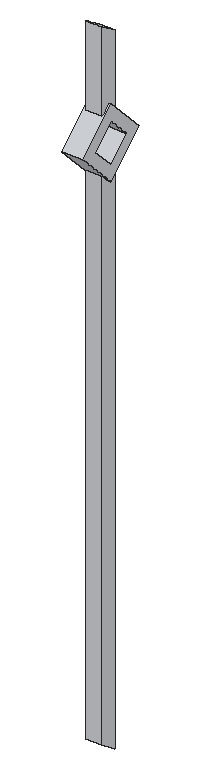
Revit family "e81afe2d8715464a8f5e957d044b026d", category Balusters, Revit 2021
Family settings
  OmniClass Number = 23.30.80.11.11.14
  OmniClass Title = Posts, Newel Posts, Pickets
  Seek Item ID = Baluster - Custom3-0000-USA-ENU
  Always vertical = Yes
  Cut with Voids When Loaded = No
  Shared = No
Parameters (values of type "3/4"")
  built-in parameter 1008623 [instance] = 32.47°
  built-in parameter 1008625 [instance] = (empty or 0)
  Post = no
  Width = 0' - 0 3/4"
  t1 = Width + 0' 0 1/4"  # 0' - 1"
  built-in parameter 1008624 [instance] = 32.47°
  Baluster Material = none
  built-in parameter 1008622 [instance] = 2' - 6"
Types (3): name | Width | t1
  (no name) | 0' - 0 3/4" | 0' - 1"
  1" | 0' - 1" | 0' - 1 1/4"
  3/4" | 0' - 0 3/4" | 0' - 1"
Reference planes (in)
  plane 1 "Center F/B": y = 0
  plane 2: z = 0
  plane 3 "Center L/R": x = 0
  plane 4 "Top": z = 30
  plane 5 "Top Angle Cut": through (0, 13.58797, 21.35351) normal (0, -0.5369, -0.8437)
  plane 6: z = 39
  plane 7: z = 24
  plane 8: z = 26.5
  plane 9: z = 25.25
  plane 10: x = -0.5
  plane 11: x = 0.5
  plane 12: z = -9
  plane 13: x = -1
  plane 14: x = 1
  plane 15: y = -1
  plane 16: y = 1
  plane 17 "Bottom Angle Cut": through (0, 0, 0) normal (0, -0.5369, -0.8437)
Forms (in)
  Extrusion 1, solid, material <- "Baluster Material"
    sketch origin (0, 0, 0) x (1, 0, 0) y (0, 1, 0)
      loop
        line (-0.375, 0.375) -> (-0.375, -0.375) -> (0.375, -0.375) -> (0.375, 0.375) -> (-0.375, 0.375)
    from 26.5 to 39
  Extrusion 2, void
    sketch origin (0, 0, 0) x (0, 1, 0) y (0, 0, 1)
      loop
        line (-1, 39) -> (-1, 30.63633) -> (1, 29.36367) -> (1, 39) -> (-1, 39)
    from -1 to 1
  Extrusion 3, solid, material <- "Baluster Material"
    sketch origin (0, 0, 0) x (1, 0, 0) y (0, 1, 0)
      loop
        line (-0.375, 0.375) -> (-0.375, -0.375) -> (0.375, -0.375) -> (0.375, 0.375) -> (-0.375, 0.375)
    from -9 to 24
  Extrusion 4, solid, material <- "Baluster Material"
    sketch origin (0, 0, 0) x (0, 1, 0) y (0, 0, 1)
      loop
        line (0, 26.875) -> (-1.625, 25.25) -> (0, 23.625) -> (1.625, 25.25) -> (0, 26.875)
      loop
        line (0, 26.16789) -> (-0.91789, 25.25) -> (0, 24.33211) -> (0.91789, 25.25) -> (0, 26.16789)
    from -0.5 to 0.5
  Extrusion 5, void
    sketch origin (0, 0, 0) x (0, 1, 0) y (0, 0, 1)
      loop
        line (1, -0.63633) -> (-1, 0.63633) -> (-1, -9) -> (1, -9) -> (1, -0.63633)
    from -1 to 1
Cuts and joins
  Extrusion 2, Extrusion 5 cuts Extrusion 1
  Extrusion 5 cuts Extrusion 3
  Extrusion 5 cuts Extrusion 4
Dimensions and locks (in)
  "built-in parameter 1008622": plane 2 to plane 4 "Top"
  locked: plane 4 "Top" to plane 6 at 9
  equal spacing: Extrusion 1 sketch curve, plane 3 "Center L/R", Extrusion 1 sketch curve
  equal spacing: Extrusion 1 sketch curve, plane 1 "Center F/B", Extrusion 1 sketch curve
  "Width": Extrusion 1 sketch curve to Extrusion 1 sketch curve  (x2)
  "Width": Extrusion 3 sketch curve to Extrusion 3 sketch curve  (x2)
  locked: plane 7 to plane 8 at 2.5
  equal spacing: plane 7, plane 9, plane 8
  equal spacing: Extrusion 3 sketch curve, plane 3 "Center L/R", Extrusion 3 sketch curve
  equal spacing: Extrusion 3 sketch curve, plane 1 "Center F/B", Extrusion 3 sketch curve
  "t1": plane 10 to plane 11
  equal spacing: plane 10, plane 3 "Center L/R", plane 11
  locked: level to plane 12 at 9
  locked: plane 7 to plane 4 "Top" at 6
  "t1": plane 13 to plane 3 "Center L/R"
  "t1": plane 3 "Center L/R" to plane 14
  "t1": plane 15 to plane 1 "Center F/B"
  "t1": plane 1 "Center F/B" to plane 16
  "built-in parameter 1008623": angle plane 4 "Top" to plane 5 "Top Angle Cut"
  "built-in parameter 1008624": angle level to plane 17 "Bottom Angle Cut"
  aligned and locked: Extrusion 1 to plane 6
  aligned and locked: Extrusion 3 to plane 7
  aligned and locked: plane 8 to Extrusion 1
  aligned and locked: Extrusion 4 to plane 10
  aligned and locked: Extrusion 4 to plane 11
  aligned and locked: plane 13 to Extrusion 2
  aligned and locked: Extrusion 2 to plane 14
  aligned and locked: Extrusion 2 sketch curve to plane 15
  aligned and locked: Extrusion 2 sketch curve to plane 16
  aligned and locked: plane 12 to Extrusion 3
  aligned and locked: plane 17 "Bottom Angle Cut" to Extrusion 5 sketch curve
  aligned and locked: Extrusion 5 sketch curve to plane 15
  aligned and locked: plane 12 to Extrusion 5 sketch curve
  aligned and locked: plane 16 to Extrusion 5 sketch curve
  aligned and locked: plane 13 to Extrusion 5
  aligned and locked: Extrusion 5 to plane 14
Automatic sketch dimensions
  Extrusion 4 sketch curve to plane 9 = 0' - 0"  (x2)
  Extrusion 4 sketch curve to plane 1 "Center F/B" = 0' - 0"  (x3)
  Extrusion 4 sketch curve to plane 7 = 0' - 0.33211"
  plane 1 "Center F/B" to Extrusion 4 sketch curve = 0' - 0"
  plane 9 to Extrusion 4 sketch curve = 0' - 0"  (x2)
  Extrusion 4 sketch curve to Extrusion 4 sketch curve = 0' - 0.70711"
  Extrusion 2 sketch curve to plane 5 "Top Angle Cut" = 0' - 0"  (x2)
  Extrusion 2 sketch curve to plane 6 = 0' - 0"
